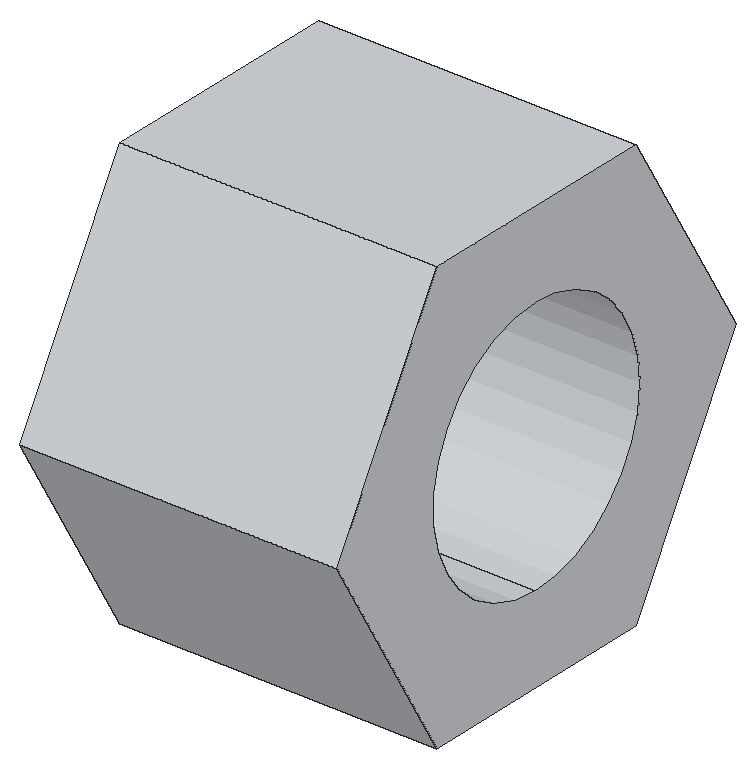
Revit family "TR2040_C", category Verbindungsmittel, Revit 2021
Family settings
  OmniClass-Nummer = 23.25.10.27.11.21
  OmniClass-Titel = Reinforcement Couplers
  Arbeitsebenenbasiert = Nein
  Immer vertikal = Nein
  Beim Laden mit Abzugskörper schneiden = Nein
  Gemeinsam genutzt = Nein
Parameters (values of type "TR 2040C-ø18")
  URL = "http//:www.annahuette.com"
  Typenkommentare = "TR 2040C- Kontermutter, kurz Gus"
  Typenbild = TR2040C.png
  TR2040C-ød = 18 mm
  TR2040C-ø = 35 mm
  TR2040C-SW_Vis = [TR2040C-SW] = [TR2040C-SW]  # yes
  TR2040C-SW = 30 mm
  TR2040C-Lsw = 16 mm
  TR2040C-L_Vis = [TR2040C-L] = [TR2040C-L]  # yes
  TR2040C-L = 22 mm
  TR2040C-G_Vis = [TR2040C-G] = [TR2040C-G]  # yes
  TR2040C-G = 0.10 kg
  Stabgröße 2 = Keine
  Stabgröße 1 = SAS 670 - ø18
  Modell = "TR 2040C"
  Körper = if([TR2040C-G_Vis], [TR2040C-G], 0.00 kg)  # 0,10 kg
  Hersteller = "Stahlwerk Annahütte Max Aicher GmbH Co.KG"
  Gesamtlänge = if([TR2040C-L_Vis], [TR2040C-L], 0 mm)  # 22 mm
  Endenbearbeitung 2 = Mit Gewinde
  Endenbearbeitung 1 = Mit Gewinde
  Einfassung Stab 2 = 0 mm  # constant formula
  Einfassung Stab 1 = [TR2040C-Lsw]  # 16 mm
  Beschreibung = "TR2040C-ø18"
  Außendurchmesser = if([TR2040C-SW_Vis], [TR2040C-SW], 0 mm)  # 30 mm
Types (11, lengths in mm): name | Typenkommentare | TR2040C-ød | TR2040C-ø | TR2040C-SW | TR2040C-Lsw | TR2040C-L | TR2040C-G | Stabgröße 1 | Körper | Gesamtlänge | Einfassung Stab 2 | Einfassung Stab 1 | Beschreibung | Außendurchmesser
  (no name) | "TR 2040C- Kontermutter, kurz Gus" | 18 | 35 | 30 | 16 | 22 | 0.10 kg | SAS 670 - ø18 | 0.1 (stored number, unit not read) | 22 | (empty or 0) | 16 | "TR2040C-ø18" | 30
  TR 2040C-ø18 | "TR 2040C- Kontermutter, kurz Gus" | 18 | 35 | 30 | 16 | 22 | 0.10 kg | SAS 670 - ø18 | 0,10 kg | 22 | 0 mm | 16 | "TR2040C-ø18" | 30
  TR 2040C-ø22 | "TR 2040C - Kontermutter, kurz Guss" | 22 | 42 | 36 | 16 | 22 | 0.12 kg | SAS 670 - ø22 | 0,12 kg | 22 | 0 mm | 16 | "TR2040C-ø22" | 36
  TR 2040C-ø25 | "TR 2040C - Kontermutter, kurz Guss" | 25 | 47 | 41 | 16 | 22 | 0.16 kg | SAS 670 - ø25 | 0,16 kg | 22 | 0 mm | 16 | "TR2040C-ø25" | 41
  TR 2040C-ø28 | "TR 2040C - Kontermutter, kurz Guss" | 28 | 53 | 46 | 24 | 30 | 0.26 kg | SAS 670 - ø28 | 0,26 kg | 30 | 0 mm | 24 | "TR2040C-ø28" | 46
  TR 2040C-ø30 | "TR 2040C -Kontermutter, kurz Guss" | 30 | 58 | 50 | 24 | 30 | 0.31 kg | SAS 670 - ø30 | 0,31 kg | 30 | 0 mm | 24 | "TR2040C-ø30" | 50
  TR 2040C-ø35 | "TR 2040C - Kontermutter, kurz Guss" | 35 | 64 | 55 | 32 | 40 | 0.47 kg | SAS 670 - ø35 | 0,47 kg | 40 | 0 mm | 32 | "TR2040C-ø35" | 55
  TR 2040C-ø43 | "TR 2040C - Kontermutter, kurz Guss" | 43 | 81 | 70 | 40 | 50 | 1.00 kg | SAS 670 - ø43 | 1,00 kg | 50 | 0 mm | 40 | "TR2040C-ø43" | 70
  TR 2040C-ø50 | "TR 2040C - Kontermutter, kurz Guss" | 50 | 90 | 80 | 40 | 50 | 1.26 kg | SAS 670 - ø50 | 1,26 kg | 50 | 0 mm | 40 | "TR2040C-ø50" | 80
  TR 2040C-ø57,5 | "TR 2040C - Kontermutter, kurz Guss" | 57.5 | 102 | 90 | 50 | 60 | 2.04 kg | SAS 670 - ø57,5 | 2,04 kg | 60 | 0 mm | 50 | "TR2040C-ø57,5" | 90
  TR 2040C-ø63,5 | "TR 2040C - Kontermutter, kurz Guss" | 63.5 | 114 | 100 | 50 | 70 | 2.70 kg | SAS 670 - ø63,5 | 2,70 kg | 70 | 0 mm | 50 | "TR2040C-ø63,5" | 100
Reference planes
  plane 1: y = 0
  plane 2: z = 0
  plane 3: x = 0
  plane 4: through (-1200, 0, 0) normal (0, -0.866, -0.5)
  plane 5: through (-1200, 0, 0) normal (0, -0.866, 0.5)
Forms (mm)
  Extrusion 1, solid
    sketch origin (0, 0, 0) x (0, 0, 1) y (0, 1, 0)
      loop
        line (-15, -8.66) -> (0, -17.321) -> (15, -8.66) -> (15, 8.66) -> (0, 17.321) -> (-15, 8.66) -> (-15, -8.66)
      loop
        circle (0, 0) r 9
    from 0 to 22 <- "TR2040C-L"
Dimensions and locks
  "TR2040C-SW": Extrusion 1 sketch curve to Extrusion 1 sketch curve  (x3)
  "Gesamtlänge": Extrusion 1 to plane 3
  "TR2040C-ød": diameter of Extrusion 1 sketch curve
  angle plane 4 to plane 5 = 60.00°
Automatic sketch dimensions
  plane 4 to Extrusion 1 sketch curve = 0 mm  (x2)
  Extrusion 1 sketch curve to plane 5 = 0 mm
  Extrusion 1 sketch curve to level = 0 mm  (x3)
  Extrusion 1 sketch curve to plane 1 = 0 mm
